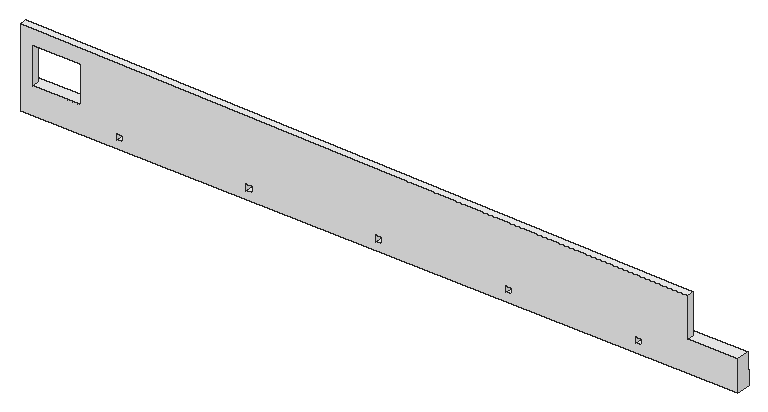
Revit family "Viga_Con_Mestra_Bloco_Junta", category Structural Framing, Revit 2020
Family settings
  Display in Hidden Views = Edges Hidden by Other Members
  Structural Framing Length Roundoff = 0.000 m
  Section Shape = Not Defined
  Material for Model Behavior = Concrete
  Always export as geometry = No
  OmniClass Number = 23.25.30.11.14.14
  OmniClass Title = Beams
  Always vertical = Yes
  Cut with Voids When Loaded = No
  Symbolic Representation = From Family
  Shared = No
  Show family pre-cut in plan views = Yes
Parameters (values of type "Viga_012x130_CON_BLC_MST_JDI")
  Structural Material [instance] = CT_Concreto
  Material_Vigas = CT_Concreto
  H2 [instance] = 1.140 m
  Assembly Code = ""
  Length [instance] = 11.920 m
  b = 0.120 m
  h = 1.300 m
Reference planes (m)
  plane 1 "Center (Front/Back)": y = 0
  plane 2: z = 0
  plane 3 "Center (Left/Right)": x = 5.20261
  plane 4: y = 0.06
  plane 5: y = -0.06
  plane 6: z = 1.3
  plane 7 "Left": x = -0.75739
  plane 8 "Right": x = 11.16261
  plane 9: z = 1.14
Forms (m)
  Extrusion 1, solid, material "CT_Concreto" <- "Material_Vigas"
    sketch origin (0, 0, 0) x (1, 0, 0) y (0, 0, 1)
      loop
        line (-0.75739, 1.3) -> (-0.75739, 0) -> (11.16261, 0) -> (11.16261, 0.5) -> (10.32761, 0.5) -> (10.32761, 1.151208) -> (-0.75739, 1.3)
      loop
        line (-0.55739, 0.45) -> (0.24261, 0.45) -> (0.24261, 1.05) -> (-0.55739, 1.05) -> (-0.55739, 0.45)
      loop
        line (0.84261, 0.135833) -> (0.94261, 0.135833) -> (0.94261, 0.235833) -> (0.84261, 0.235833) -> (0.84261, 0.135833)
      loop
        line (5.15261, 0.135833) -> (5.25261, 0.135833) -> (5.25261, 0.235833) -> (5.15261, 0.235833) -> (5.15261, 0.135833)
      loop
        line (9.56261, 0.135833) -> (9.56261, 0.235833) -> (9.46261, 0.235833) -> (9.46261, 0.135833) -> (9.56261, 0.135833)
      loop
        line (2.99761, 0.135833) -> (3.09761, 0.135833) -> (3.09761, 0.235833) -> (2.99761, 0.235833) -> (2.99761, 0.135833)
      loop
        line (7.40761, 0.135833) -> (7.40761, 0.235833) -> (7.30761, 0.235833) -> (7.30761, 0.135833) -> (7.40761, 0.135833)
    from -0.06 to 0.06
  Extrusion 2, solid, material "CT_Concreto" <- "Material_Vigas"
    sketch origin (-0.06, -0.141258, 0) x (1, 0, 0) y (0, 1, 0)
      loop
        line (11.22261, 0.301258) -> (9.72261, 0.301258) -> (9.72261, 0.201258) -> (11.22261, 0.201258) -> (11.22261, 0.301258)
    from 0 to 0.5
  Extrusion 3, solid, material "CT_Concreto" <- "Material_Vigas"
    sketch origin (10.46522, -0.141258, 0) x (-1, 0, 0) y (0, -1, 0)
      loop
        line (11.22261, -0.301258) -> (11.22261, -0.081258) -> (9.72261, -0.081258) -> (9.72261, -0.301258) -> (11.22261, -0.301258)
    from 0 to 0.45
Cuts and joins
  joined: Extrusion 1, Extrusion 2, Extrusion 3
Dimensions and locks (m)
  "b": plane 4 to plane 5
  plane 2 to plane 6 = 1.300 m
  equal spacing: plane 4, plane 1 "Center (Front/Back)", plane 5
  "Length": plane 7 "Left" to plane 8 "Right"
  plane 7 "Left" to plane 8 "Right" = 11.920 m
  equal spacing: plane 7 "Left", plane 3 "Center (Left/Right)", plane 8 "Right"
  "h": plane 6 to plane 2
  "H2": plane 9 to level
  Extrusion 2 to Extrusion 2 to Extrusion 1 to Extrusion 1 = 0.100 m, 0.000 m, 0.120 m
  Extrusion 2 to Extrusion 2 to plane 1 "Center (Front/Back)" = 0.100 m, 0.060 m
  Extrusion 3 to Extrusion 3 = 0.220 m
  Extrusion 2 to Extrusion 2 = 0.500 m
  aligned and locked: Extrusion 1 to plane 4
  aligned and locked: Extrusion 1 to plane 5
  aligned and locked: Extrusion 1 sketch curve to level
  aligned and locked: Extrusion 2 to plane 8 "Right"
  aligned and locked: Extrusion 3 to plane 5
  aligned and locked: Extrusion 2 to Extrusion 1
Automatic sketch dimensions
  plane 7 "Left" to Extrusion 1 sketch curve = 0.000 m
  plane 8 "Right" to Extrusion 1 sketch curve = 0.000 m
  Extrusion 1 sketch curve to plane 6 = 0.000 m
  Extrusion 1 sketch curve to plane 7 "Left" = 0.200 m
  Extrusion 1 sketch curve to Extrusion 1 sketch curve = 0.800 m
  level to Extrusion 1 sketch curve = 0.135833 m  (x3)
  Extrusion 1 sketch curve to Extrusion 1 sketch curve = 0.600 m
  Extrusion 1 sketch curve to Extrusion 1 sketch curve = 0.100 m  (x9)
  level to Extrusion 1 sketch curve = 0.235833 m  (x2)
  Extrusion 1 sketch curve to Extrusion 1 sketch curve = 2.055 m  (x2)
  Extrusion 1 sketch curve to plane 3 "Center (Left/Right)" = 0.050 m
  plane 3 "Center (Left/Right)" to Extrusion 1 sketch curve = 0.050 m
  plane 8 "Right" to Extrusion 1 sketch curve = 1.700 m
  Extrusion 1 sketch curve to plane 9 = 0.011208 m
  plane 8 "Right" to Extrusion 1 sketch curve = 0.835 m
  level to Extrusion 1 sketch curve = 0.450 m
  level to Extrusion 1 sketch curve = 0.500 m
  plane 9 to Extrusion 1 sketch curve = 0.090 m
  Extrusion 2 sketch curve to plane 8 "Right" = 0.000 m
  plane 5 to Extrusion 2 sketch curve = 0.120 m
  plane 8 "Right" to Extrusion 2 sketch curve = 1.500 m
  plane 4 to Extrusion 2 sketch curve = 0.100 m
  Extrusion 3 sketch curve to plane 7 "Left" = 0.000 m
  Extrusion 3 sketch curve to plane 5 = 0.000 m
  Extrusion 3 sketch curve to Extrusion 3 sketch curve = 1.500 m
  Extrusion 3 sketch curve to plane 4 = 0.100 m
